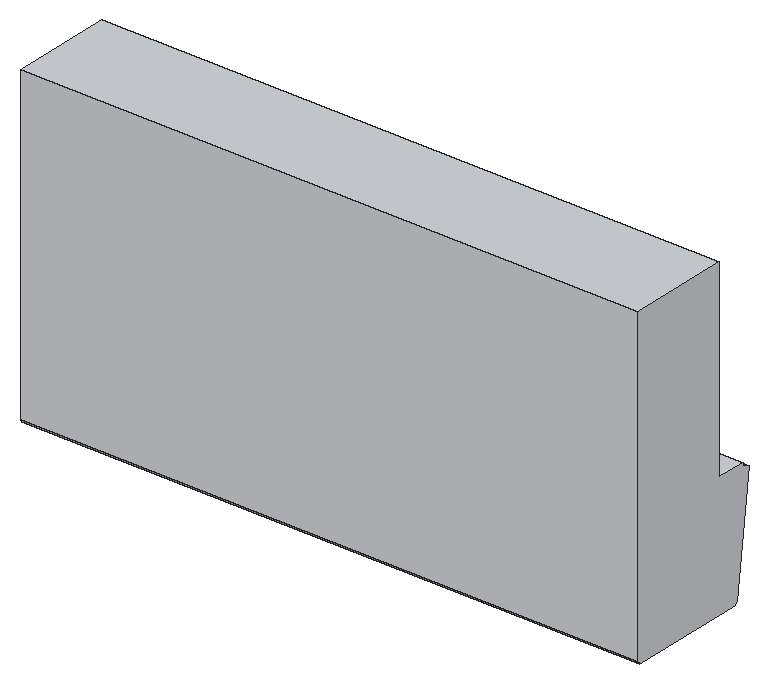
Revit family "KBBE d=500_Precast-Console Beam_Spæncom", category Structural Framing, Revit 2014
Parameters (values of type "KBBE 128/78 (150mm hylde)")
  Structural Material [instance] = none
  Model = "KBBE"
  Manufacturer = "Spæncom"
  Length [instance] = 3000 mm
  Height element = 1280 mm
  Height (bjælkekroppen) = 780 mm
  Width (bjælkekroppen) = 413 mm
  Height console = 500 mm  # constant formula
  Width console = 150 mm
  Base width = 500 mm  # constant formula
Types (5, lengths in mm): name | Height element | Height (bjælkekroppen) | Width (bjælkekroppen) | Width console
  (no name) | 1280 | 780 | 413 | 150
  KBBE 128/78 (150mm hylde) | 1280 | 780 | 413 | 150
  KBBE 128/78 (200mm hylde) | 1280 | 780 | 363 | 200
  KBBE 140/90 (150mm hylde) | 1400 | 900 | 413 | 150
  KBBE 140/90 (200mm hylde) | 1400 | 900 | 363 | 200
Reference planes
  plane 1 "Center (Front/Back)": y = 0
  plane 2 "Center Elevation": z = 0
  plane 3 "Center (Left/Right)": x = 0
  plane 4 "Left": x = -1500
  plane 5 "Member Left": x = -1250
  plane 6 "Stick Symbol Left": x = -1000
  plane 7 "Right": x = 1500
  plane 8 "Member Right": x = 1250
  plane 9 "Stick Symbol Right": x = 1000
  plane 10: z = 500
  plane 11: through (0, 309.87, 475.015) normal (0, -0.9922, 0.125)
  plane 12: z = 500
  plane 13: through (0, 309.87, 475.015) normal (0, -0.9922, 0.125)
Forms (mm)
  Extrusion 1, solid, material <- "Structural Material"
    sketch origin (-1500, 0, 0) x (0, -1, 0) y (0, 0, 1)
      loop
        line (249.982, 1280) -> (-163.018, 1280) -> (-163.018, 500) -> (-283.017, 500) -> (-283.017, 490) -> (-309.87, 475.015) -> (-251.272, 9.95) -> (-240, 0) -> (240, 0) -> (249.982, 9.982) -> (249.982, 1280)
    from -2750 to -250
Dimensions and locks
  equal spacing: plane 4 "Left", plane 3 "Center (Left/Right)", plane 7 "Right"
  "Length": plane 4 "Left" to plane 7 "Right"
  "Height console": plane 10 to plane 2 "Center Elevation"
  "Height (bjælkekroppen)": plane 10 to Extrusion 1
  "Width console": plane 11 to Extrusion 1
  "Width (bjælkekroppen)": Extrusion 1 to Extrusion 1
  "Height element": Extrusion 1 to Extrusion 1
  "Width console": plane 13 to Extrusion 1 sketch curve
  "Base width": plane 11 to Extrusion 1
  locked: plane 11 to Extrusion 1 sketch curve at 30.001
  aligned and locked: level to plane 2 "Center Elevation"
  aligned and locked: Extrusion 1 to plane 8 "Member Right"
  aligned and locked: plane 5 "Member Left" to Extrusion 1
  aligned and locked: Extrusion 1 to plane 11
  aligned and locked: Extrusion 1 to plane 10
  aligned and locked: Extrusion 1 to level
  aligned and locked: Extrusion 1 sketch curve to plane 11
  aligned and locked: Extrusion 1 sketch curve to plane 10
Automatic sketch dimensions
  Extrusion 1 sketch curve to level = 0 mm
  Extrusion 1 sketch curve to plane 1 "Center (Front/Back)" = 240 mm
  level to Extrusion 1 sketch curve = 9.95 mm
  plane 1 "Center (Front/Back)" to Extrusion 1 sketch curve = 240 mm
  level to Extrusion 1 sketch curve = 9.982 mm
  Extrusion 1 sketch curve to Extrusion 1 sketch curve = 9.982 mm
  Extrusion 1 sketch curve to plane 10 = 780 mm
  plane 10 to Extrusion 1 sketch curve = 10 mm
  plane 10 to Extrusion 1 sketch curve = 24.985 mm
